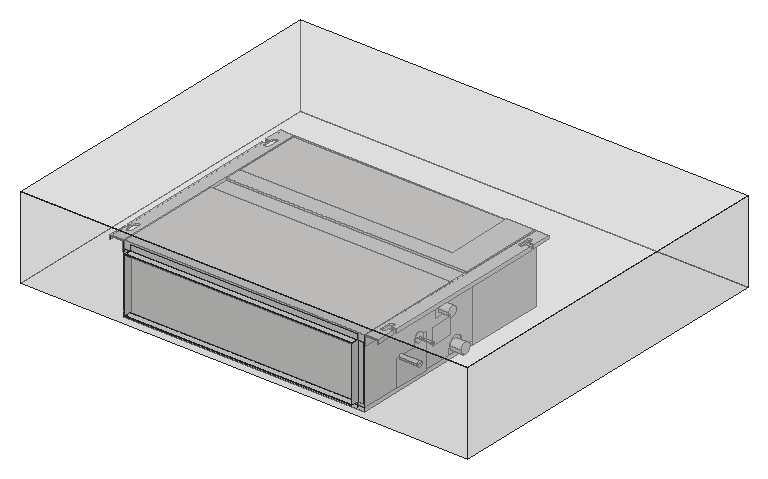
Revit family "outputfile", category 機械設備, Revit 2024
Family settings
  丸型コネクタ寸法 = 半径を使用
  パーツ タイプ = 標準
  OmniClass 番号 = 23.75.10.24.21.27.27
  OmniClass タイトル = Split System Air Conditioning Units
  作業面ベース = いいえ
  常に垂直 = はい
  ロード時にボイドで切り取り = いいえ
  注釈の向きを維持 = いいえ
  共有 = いいえ
  部屋計算ポイント = はい
Parameters (values of type "FXDQ25PDVE4")
  Description = ""
  製造元 = "Daikin"
  書き出し IFC クラス(タイプ) = "IfcUnitaryEquipmentType"
  定義済み IFC タイプ(タイプ) = "AIRCONDITIONINGUNIT"
  Cost = 0
  モデル = "FXDQ25PDVE4"
  Type Comments = ""
  Keynote = ""
  Type Image = (empty or 0)
  Assembly Code = ""
  w_pipe = 33.0 mm
  r_Liquid Pipe Size = Liquid Pipe Size / 2  # 3.2 mm
  r_Gas Pipe Size = Gas Pipe Size / 2  # 6.35 mm
  r_Drain Pipe Size = Drain Pipe Size / 2  # 10.0 mm
  lw_powersupply = 304.0 mm
  lh_suctionflange [instance] = if(Rear Connection_Return Air, 100.0 mm + [h***], 190.0 mm + [h***])  # 100.0 mm
  ld_suctionflange [instance] = if(Rear Connection_Return Air, 190.0 mm, 100.0 mm)  # 190.0 mm
  ld_powersupply = 60.0 mm
  angle_vertical_RA [instance] = if(Rear Connection_Return Air, 90.00°, 0.00°)  # 90.00°
  angle horizontal_RA [instance] = if(Rear Connection_Return Air, 180.00°, 270.00°)  # 180.00°
  Voltage_comment_60Hz = "220"
  Voltage_comment_50Hz = "220-240"
  Voltage_60Hz = 220 V
  Voltage_50Hz = 220 V
  URL = ""
  Supply Air Direction [instance] = yes
  Sound Power Level_H speed (dB) = 54
  Rear Connection_Return Air [instance] = not(Bottom Connection_Return Air)  # yes
  RA_length = 190.0 mm  # constant formula
  Phase_60Hz = 1
  Phase_50Hz = 1
  Minimum External Static Pressure = 10.00 Pa
  Minimum Circuit Amps_60Hz = 0.9 A
  Minimum Circuit Amps_50Hz = 0.8 A
  Maximum Fuse Amps_60Hz = 16.0 A
  Maximum Fuse Amps_50Hz = 16.0 A
  Maximum External Static Pressure = 30.00 Pa
  Material_Casing = DAIKIN_GalvanizedSteel_Casing_indoorunit
  lw_liquidpipe = 46.0 mm  # constant formula
  lw_gaspipe = 57.0 mm  # constant formula
  lw_mountinghole_pitch = 740.0 mm  # constant formula
  lw_mountinghole = 20.0 mm  # constant formula
  lw_drainpipe = 33.0 mm  # constant formula
  lh_powersupply = 10.0 mm
  lh_liquidpipe = 110.0 mm
  lh_gaspipe = 87.0 mm
  lh_mountinghole = Height + [h***]  # 200.0 mm
  lh_drainpipe = 150.0 mm
  lh_dischargeflange = 100.0 mm
  lh_antena = 1.0 mm  # constant formula
  ld_liquidpipe = 193.0 mm  # constant formula
  ld_gaspipe = 130.0 mm  # constant formula
  ld_mountinghole_pitch = 500.0 mm  # constant formula
  ld_drainpipe = 280.0 mm
  ld_controlbox = 626.0 mm  # constant formula
  h*** = 0.0 mm  # constant formula
  d_dischargeflange = 21.2 mm  # constant formula
  Width = 700.0 mm
  Version = "ver.1.0"
  Unit Type = "Slim Duct (Standard) Type"
  Unit Mass Weight = 23.00 kg
  Unit Designation [instance] = ""
  Uniclass2015Version = "Products v1.30"
  Uniclass2015Title = "Variable refrigerant flow units"
  Uniclass2015Code = "Pr_70_65_03_94"
  Total Heating Capacity [instance] = 0.000 kW
  Total Cooling Capacity [instance] = 0.000 kW
  Sound Pressure Level_M speed (dBA) = 0
  Sound Pressure Level_L speed (dBA) = 23
  Sound Pressure Level_H speed (dBA) = 28
  Series = "VRV Fan Coil Unit"
  Sensible Cooling Capacity [instance] = 0.000 kW
  SA Duct Size Width = 660.0 mm
  SA Duct Size Height = 160.0 mm
  Refrigerant Type = "R410A"
  RA Duct Size Width = 600.0 mm
  RA Duct Size Height = 180.0 mm
  Power Input (Heating) = 0.067 kW
  Power Input (Cooling) = 0.086 kW
  Option Accessory 3 [instance] = ""
  Option Accessory 2 [instance] = ""
  Option Accessory 1 [instance] = ""
  Nominal Heating Capacity = 3.200 kW
  Nominal Cooling Capacity = 2.800 kW
  Minimum Airflow = 384.00 m³/h
  Median Airflow = 432.00 m³/h
  Maximum Airflow = 480.00 m³/h
  Load Classification = HVAC
  Liquid Pipe Size = 6.4 mm
  Link_Nested Family [instance] = ""
  IfcVersion = "0"
  IfcExportType = "AIRCONDITIONINGUNIT"
  IfcExportAs = "IfcUnitaryEquipmentType"
  Height = 200.0 mm
  Heating Entering Wet Bulb Temperature [instance] = 0.00 °C
  Heating Entering Dry Bulb Temperature [instance] = 0.00 °C
  Heating Ambient Wet Bulb Temperature [instance] = 0.00 °C
  Heating Ambient Dry Bulb Temperature [instance] = 0.00 °C
  Heat Exchanger Type = "Cross Fin Coil"
  Gas Pipe Size = 12.7 mm
  Frequency_60Hz = 60 Hz
  Frequency_50Hz = 50 Hz
  Fan Type = "Sirocco Fan"
  Fan Drive = "Direct Drive"
  FCU Tag No. [instance] = ""
  Drain Pipe Size = 20.0 mm
  Design Supply Airflow [instance] = 0.00 m³/h
  Design Return Airflow [instance] = 0.00 m³/h
  Design External Static Pressure [instance] = 0.00 Pa
  Depth = 620.0 mm
  既定の高さ = 0.0 mm
  Cooling Entering Wet Bulb Temperature [instance] = 0.00 °C
  Cooling Entering Dry Bulb Temperature [instance] = 0.00 °C
  Cooling Ambient Wet Bulb Temperature [instance] = 0.00 °C
  Cooling Ambient Dry Bulb Temperature [instance] = 0.00 °C
  Clearance visibility [instance] = yes
  Clearance Top = 20.0 mm
  Clearance Right = 300.0 mm
  Clearance Rear = 400.0 mm
  Clearance Left = 300.0 mm
  Clearance Front = 0.0 mm
  Clearance Bottom = 20.0 mm
  Bottom Connection_Return Air [instance] = no
Reference planes
  plane 1 "Center (Front/Back)": y = 0
  plane 2: z = 0
  plane 3 "Center (Left/Right)": x = 0
  plane 4 "Back": y = 310
  plane 5 "Front": y = -310
  plane 6 "Left": x = -350
  plane 7 "Right": x = 350
  plane 8 "Top": z = 0
  plane 9 "Bottom": z = -200
  plane 10: x = 330
  plane 11: x = -330
  plane 12: z = -190
  plane 13: z = -6
  plane 14: z = -22
  plane 15: z = -90
  plane 16: z = -113
  plane 17: x = -304
  plane 18: x = 304
  plane 19: x = -370
  plane 20: x = 370
  plane 21: y = -250
  plane 22: y = 250
  plane 23: x = -390
  plane 24: x = 390
  plane 25: x = 396
  plane 26: x = 407
  plane 27: x = 383
  plane 28: z = 0
  plane 29: z = -50
  plane 30 "Clearance Left": x = -650
  plane 31 "Clearance Right": x = 650
  plane 32 "Clearance Rear": y = 710
  plane 33 "Clearance Front": y = -310
  plane 34 "Clearance Top": z = 20
  plane 35 "Clearance Bottom": z = -220
  plane 36: z = -21
  plane 37: z = -170
  plane 38: z = -96.5
  plane 39: x = -40
  plane 40: y = -180
  plane 41: y = -117
  plane 42: y = -30
  plane 43: y = 20
  plane 44: z = -97.5
  plane 45: y = -309
  plane 46: x = -349
  plane 47: z = -100
  plane 48: z = -30
  plane 49: y = 210
  plane 50: z = 301
  plane 51: z = -199
  plane 52: y = 120
  plane 53: z = -101
Forms (mm)
  Extrusion 1, solid
    sketch origin (0, 0, 0) x (1, 0, 0) y (0, 0, 1)
      loop
        line (-350, -190) -> (-350, -200) -> (350, -200) -> (350, -190) -> (-350, -190)
    from -84 to 310
  Extrusion 2, solid, material "DAIKIN_GalvanizedSteel_Casing_indoorunit" <- "Material_Casing"
    sketch origin (0, 0, 0) x (1, 0, 0) y (0, 1, 0)
      loop
        line (-350, -309) -> (350, -309) -> (350, 310) -> (-350, 310) -> (-350, -309)
    from -200 to 0
  Extrusion 3, void
    sketch origin (0, 0, 1) x (1, 0, 0) y (0, 1, 0)
      loop
        line (-350, 62.179) -> (-350, 4.179) -> (350, 4.179) -> (350, 62.179) -> (-350, 62.179)
    from -1 to -7
  Extrusion 4, void
    sketch origin (0, 0, 0) x (0, 1, 0) y (0, 0, 1)
      loop
        line (-5, -190) -> (45, -190) -> (45, -170)
        arc (45, -170) -> (20, -145) -> (-5, -170) r 25
        line (-5, -170) -> (-5, -190)
    from 350 to 345
  Revolve 5, solid, material "DAIKIN_GalvanizedSteel_Casing_indoorunit" <- "Material_Casing"
    sketch origin (0, 0, -113) x (0, -1, 0) y (1, 0, 0)
      loop
        line (173.65, 351) -> (180, 351) -> (180, 407) -> (173.65, 407) -> (173.65, 351)
      axis (180, 351) -> (180, 407)
    angle from 0 to 360
  Revolve 6, solid, material "DAIKIN_GalvanizedSteel_Casing_indoorunit" <- "Material_Casing"
    sketch origin (0, 0, -90) x (0, -1, 0) y (1, 0, 0)
      loop
        line (117, 351) -> (117, 396) -> (113.8, 396) -> (113.8, 351) -> (117, 351)
      axis (117, 396) -> (117, 351)
    angle from 0 to 360
  Extrusion 7, solid, material "DAIKIN_GalvanizedSteel_Casing_indoorunit" <- "Material_Casing"
    sketch origin (0, 0, 0) x (0, 1, 0) y (0, 0, 1)
      loop
        circle (-116, -90) r 12.7
    from 350 to 355.007
  Extrusion 8, solid, material "DAIKIN_GalvanizedSteel_Casing_indoorunit" <- "Material_Casing"
    sketch origin (0, 0, 0) x (0, 1, 0) y (0, 0, 1)
      loop
        circle (20, -170) r 15
    from 345 to 380
  Extrusion 9, solid, material "DAIKIN_GalvanizedSteel_Casing_indoorunit" <- "Material_Casing"
    sketch origin (0, 0, 0) x (0, 1, 0) y (0, 0, 1)
      loop
        line (-52, -30) -> (-52, -70) -> (-11, -70) -> (-11, -30) -> (-52, -30)
    from 350 to 351
  Extrusion 10, solid, material "DAIKIN_GalvanizedSteel_Casing_indoorunit" <- "Material_Casing"
    sketch origin (0, 0, 0) x (0, 1, 0) y (0, 0, 1)
      loop
        circle (-30, -50.064) r 13
    from 350 to 383
  Extrusion 11, solid, material "DAIKIN_GalvanizedSteel_Casing_indoorunit" <- "Material_Casing"
    sketch origin (0, 0, 0) x (0, 1, 0) y (0, 0, 1)
      loop
        line (-63.609, -90) -> (-63.609, -136) -> (0.391, -136) -> (0.391, -90) -> (-63.609, -90)
    from 350 to 351
  Extrusion 12, solid, material "DAIKIN_GalvanizedSteel_Casing_indoorunit" <- "Material_Casing"
    sketch origin (0, 0, 0) x (1, 0, 0) y (0, 0, 1)
      loop
        line (-350, -190) -> (-350, -200) -> (350, -200) -> (350, -190) -> (-350, -190)
    from -84 to 310
  Extrusion 13, solid, material "DAIKIN_GalvanizedSteel_Casing_indoorunit" <- "Material_Casing", visible <- "Bottom Connection_Return Air"
    sketch origin (0, 0, 0) x (1, 0, 0) y (0, 0, 1)
      loop
        line (269, -199) -> (269, -1) -> (-349, -1) -> (-349, -199) -> (269, -199)
    from -310 to -309
  Extrusion 14, void
    sketch origin (0, 0, 0) x (1, 0, 0) y (0, 0, 1)
      loop
        line (269, 0) -> (-349, 0) -> (-349, -1) -> (269, -1) -> (269, 0)
    from -310 to -111
  Extrusion 15, solid, material "DAIKIN_GalvanizedSteel_Casing_indoorunit" <- "Material_Casing", visible <- "Rear Connection_Return Air"
    sketch origin (0, 0, 0) x (1, 0, 0) y (0, 1, 0)
      loop
        line (-349, 309) -> (-349, 111) -> (269, 111) -> (269, 309) -> (-349, 309)
    from -200 to -199
  Extrusion 16, solid, material "DAIKIN_GalvanizedSteel_Casing_indoorunit" <- "Material_Casing"
    sketch origin (0, 0, 0) x (0, 1, 0) y (0, 0, 1)
      loop
        line (-194, -113) -> (-194, -190) -> (-88.3, -190) -> (-88.3, -90) -> (-103.3, -90)
        arc (-103.3, -90) -> (-116, -102.7) -> (-128.7, -90) r 12.7
        line (-128.7, -90) -> (-128.7, -113) -> (-173.65, -113)
        arc (-173.65, -113) -> (-180, -119.35) -> (-186.35, -113) r 6.35
        line (-186.35, -113) -> (-194, -113)
    from 351 to 350
  Extrusion 17, solid, material "DAIKIN_GalvanizedSteel_Casing_indoorunit" <- "Material_Casing"
    sketch origin (0, 0, 0) x (0, 1, 0) y (0, 0, 1)
      loop
        line (84, -199) -> (310, -199) -> (310, -22) -> (91, -22) -> (84, -29) -> (84, -199)
    from 351 to 350
Cuts and joins
  Extrusion 3, Extrusion 4, Extrusion 14 cuts Extrusion 2
  Extrusion 4 cuts Extrusion 1
  Extrusion 14 cuts Extrusion 12
Dimensions and locks
  "lh_powersupply": plane 12 to plane 9 "Bottom"
  locked: plane 8 "Top" to plane 13 at 6
  "Height": plane 8 "Top" to plane 9 "Bottom"
  equal spacing: plane 17, plane 3 "Center (Left/Right)", plane 18, locked at 304 each
  locked: plane 17 to plane 18 at 608
  equal spacing: plane 19, plane 3 "Center (Left/Right)", plane 20, locked at 370 each
  "lw_mountinghole_pitch": plane 19 to plane 20
  locked: plane 14 to plane 9 "Bottom" at 178
  "lw_mountinghole": plane 23 to plane 19
  "lh_liquidpipe": plane 15 to plane 9 "Bottom"
  "lh_gaspipe": plane 16 to plane 9 "Bottom"
  "lh_mountinghole": plane 28 to plane 9 "Bottom"
  "ld_mountinghole_pitch": plane 22 to plane 21
  equal spacing: plane 6 "Left", plane 3 "Center (Left/Right)", plane 7 "Right", locked at 350 each
  "Width": plane 6 "Left" to plane 7 "Right"
  "lh_drainpipe": plane 29 to plane 9 "Bottom"
  "Clearance Right": plane 7 "Right" to plane 31 "Clearance Right"
  "Clearance Left": plane 30 "Clearance Left" to plane 6 "Left"
  "lw_gaspipe": plane 7 "Right" to plane 26
  "lw_liquidpipe": plane 7 "Right" to plane 25
  "lw_drainpipe": plane 7 "Right" to plane 27
  "Clearance Rear": plane 32 "Clearance Rear" to plane 4 "Back"
  "Clearance Front": plane 5 "Front" to plane 33 "Clearance Front"
  "Clearance Top": plane 34 "Clearance Top" to plane 8 "Top"
  "Clearance Bottom": plane 9 "Bottom" to plane 35 "Clearance Bottom"
  "ld_powersupply": plane 4 "Back" to plane 22
  "lw_powersupply": plane 3 "Center (Left/Right)" to plane 18
  locked: plane 8 "Top" to plane 36 at 21
  locked: plane 8 "Top" to plane 37 at 170
  locked: plane 40 to plane 41 at 63
  locked: plane 38 to plane 9 "Bottom" at 103.5
  locked: plane 36 to plane 44 at 76.5
  "Depth": plane 4 "Back" to plane 5 "Front"
  equal spacing: plane 4 "Back", plane 1 "Center (Front/Back)", plane 5 "Front"
  locked: plane 45 to plane 5 "Front" at 1
  locked: plane 46 to plane 6 "Left" at 1
  Extrusion 13 sketch curve to Extrusion 13 sketch curve = 198.0 mm
  locked: nested 13 to plane 39 at 300
  locked: plane 12 to plane 47 at 90
  plane 32 "Clearance Rear" to Extrusion 13 = 401.0 mm
  locked: plane 48 to plane 35 "Clearance Bottom" at 190
  locked: plane 49 to nested 14 at 90
  plane 50 to plane 28 = 301.0 mm
  locked: plane 51 to plane 9 "Bottom" at 1
  "ld_suctionflange": plane 4 "Back" to plane 52
  locked: plane 53 to plane 9 "Bottom" at 99
  aligned and locked: level to plane 2
  aligned and locked: Extrusion 2 to plane 9 "Bottom"
  aligned and locked: plane 8 "Top" to Extrusion 2
  aligned and locked: Revolve 5 sketch curve to Revolve 5 sketch curve
  aligned and locked: plane 15 to Extrusion 7 sketch curve
  aligned and locked: cut or joined group of Extrusion 1, Extrusion 4 to plane 9 "Bottom"
  aligned and locked: plane 24 to nested 1
  aligned and locked: nested 1 to plane 23
  aligned and locked: plane 27 to Extrusion 10
  aligned and locked: plane 25 to nested 6
  aligned and locked: nested 6 to plane 15
  aligned and locked: nested 2 to plane 22
  aligned and locked: plane 20 to nested 2
  aligned and locked: plane 20 to nested 3
  aligned and locked: plane 19 to nested 4
  aligned and locked: plane 22 to nested 5
  aligned and locked: nested 5 to plane 22
  aligned and locked: plane 19 to nested 5
  aligned and locked: nested 8 to plane 29
  aligned and locked: Extrusion 10 to nested 8
  aligned and locked: plane 27 to nested 8
  aligned and locked: plane 22 to nested 12
  aligned and locked: plane 18 to nested 12  (x2)
  aligned and locked: nested 12 to plane 18
  aligned and locked: plane 4 "Back" to nested 12
  aligned and locked: cut or joined group of Extrusion 2, Extrusion 3, Extrusion 4, Extrusion 14 to nested 12
  aligned and locked: nested 12 to plane 12
  aligned and locked: plane 8 "Top" to nested 1
  aligned and locked: Extrusion 12 to plane 5 "Front"
  aligned and locked: Extrusion 12 to plane 9 "Bottom"
  aligned and locked: nested 7 to plane 16
  aligned and locked: plane 4 "Back" to nested 1
  aligned and locked: nested 9 to plane 45
  aligned and locked: plane 40 to nested 7
  aligned and locked: plane 41 to nested 6
  aligned and locked: plane 42 to nested 8
  aligned and locked: Extrusion 8 sketch curve to plane 43
  aligned and locked: nested 13 to plane 46
  aligned and locked: plane 4 "Back" to Extrusion 14
  aligned and locked: nested 14 to Extrusion 15
  aligned and locked: nested 15 to plane 49
  aligned and locked: plane 8 "Top" to Extrusion 3
  aligned and locked: Extrusion 13 to cut or joined group of Extrusion 2, Extrusion 3, Extrusion 4, Extrusion 14
  aligned and locked: Extrusion 13 to nested 13
  aligned and locked: plane 9 "Bottom" to Extrusion 15  (x2)
  aligned and locked: plane 9 "Bottom" to nested 15
  aligned and locked: Extrusion 15 to plane 51
  aligned and locked: plane 4 "Back" to nested 13
  aligned and locked: Extrusion 14 to level
  aligned and locked: plane 32 "Clearance Rear" to nested 16
  aligned and locked: plane 31 "Clearance Right" to nested 16
  aligned and locked: plane 30 "Clearance Left" to nested 16
  aligned and locked: nested 16 to plane 33 "Clearance Front"
  aligned and locked: nested 16 to plane 34 "Clearance Top"
  aligned and locked: nested 16 to plane 35 "Clearance Bottom"
  aligned and locked: plane 7 "Right" to Extrusion 16
  aligned and locked: plane 4 "Back" to Extrusion 17
  aligned and locked: Extrusion 17 to plane 51
  aligned and locked: plane 7 "Right" to Extrusion 17
  aligned and locked: Extrusion 16 to Revolve 5 sketch curve
  aligned and locked: Extrusion 3 to plane 13
  aligned and locked: plane 52 to nested 17
  aligned and locked: plane 53 to nested 9
  aligned and locked: Extrusion 14 to nested 14
  aligned and locked: nested 11 to plane 36
  aligned and locked: level to plane 8 "Top"
Automatic sketch dimensions
  Extrusion 1 sketch curve to plane 6 "Left" = 0.0 mm
  Extrusion 1 sketch curve to plane 7 "Right" = 0.0 mm
  Extrusion 1 sketch curve to plane 9 "Bottom" = 0.0 mm
  Extrusion 1 sketch curve to plane 12 = 0.0 mm
  Extrusion 2 sketch curve to plane 4 "Back" = 0.0 mm
  Extrusion 2 sketch curve to plane 6 "Left" = 0.0 mm
  Extrusion 2 sketch curve to plane 7 "Right" = 0.0 mm
  Extrusion 2 sketch curve to plane 45 = 0.0 mm
  Extrusion 3 sketch curve to plane 6 "Left" = 0.0 mm
  Extrusion 3 sketch curve to plane 7 "Right" = 0.0 mm
  Extrusion 3 sketch curve to plane 1 "Center (Front/Back)" = 4.179 mm
  plane 43 to Extrusion 3 sketch curve = 42.179 mm
  Extrusion 4 sketch curve to plane 37 = 0.0 mm
  Extrusion 4 sketch curve to plane 12 = 0.0 mm
  Extrusion 4 sketch curve to plane 43 = 0.0 mm
  plane 1 "Center (Front/Back)" to Extrusion 4 sketch curve = 5.0 mm
  Revolve 6 sketch curve to plane 25 = 0.0 mm  (x2)
  Revolve 6 sketch curve to plane 41 = 0.0 mm  (x2)
  plane 41 to Revolve 6 sketch curve = 3.2 mm
  plane 7 "Right" to Revolve 6 sketch curve = 1.0 mm
  Revolve 6 sketch curve to Revolve 6 sketch curve = 0.0 mm
  plane 41 to Extrusion 7 sketch curve = 1.0 mm
  Extrusion 8 sketch curve to plane 37 = 0.0 mm
  Extrusion 9 sketch curve to plane 42 = 22.0 mm
  plane 1 "Center (Front/Back)" to Extrusion 9 sketch curve = 11.0 mm
  plane 15 to Extrusion 9 sketch curve = 20.0 mm
  Extrusion 9 sketch curve to plane 14 = 8.0 mm
  Extrusion 10 sketch curve to plane 42 = 0.0 mm
  Extrusion 10 sketch curve to plane 29 = 0.064 mm
  plane 15 to Extrusion 11 sketch curve = 0.0 mm
  Extrusion 11 sketch curve to plane 42 = 33.609 mm
  Extrusion 11 sketch curve to plane 1 "Center (Front/Back)" = 0.391 mm
  Extrusion 11 sketch curve to plane 16 = 23.0 mm
  Extrusion 12 sketch curve to plane 6 "Left" = 0.0 mm
  Extrusion 12 sketch curve to plane 7 "Right" = 0.0 mm
  Extrusion 12 sketch curve to plane 9 "Bottom" = 0.0 mm
  Extrusion 12 sketch curve to plane 12 = 0.0 mm
  plane 46 to Extrusion 13 sketch curve = 0.0 mm
  Extrusion 13 sketch curve to plane 18 = 35.0 mm
  plane 46 to Extrusion 14 sketch curve = 0.0 mm
  Extrusion 14 sketch curve to plane 18 = 35.0 mm
  Extrusion 14 sketch curve to plane 8 "Top" = 1.0 mm
  Extrusion 15 sketch curve to plane 46 = 0.0 mm
  Extrusion 15 sketch curve to plane 4 "Back" = 1.0 mm
  Extrusion 15 sketch curve to plane 18 = 35.0 mm
  plane 43 to Extrusion 15 sketch curve = 91.0 mm
  plane 35 "Clearance Bottom" to Extrusion 14 sketch curve = 220.0 mm
  Extrusion 13 sketch curve to plane 51 = 0.0 mm
  Extrusion 16 sketch curve to plane 12 = 0.0 mm
  Extrusion 16 sketch curve to plane 16 = 0.0 mm
  Extrusion 16 sketch curve to plane 40 = 0.0 mm
  Extrusion 16 sketch curve to plane 15 = 0.0 mm
  Extrusion 16 sketch curve to Extrusion 16 sketch curve = 6.35 mm
  Extrusion 16 sketch curve to Extrusion 16 sketch curve = 7.65 mm
  Extrusion 16 sketch curve to plane 41 = 11.7 mm
  plane 41 to Extrusion 16 sketch curve = 1.0 mm
  Extrusion 16 sketch curve to Extrusion 16 sketch curve = 27.7 mm
  Extrusion 17 sketch curve to plane 51 = 0.0 mm
  Extrusion 17 sketch curve to plane 14 = 0.0 mm
  plane 48 to Extrusion 17 sketch curve = 1.0 mm
  plane 43 to Extrusion 17 sketch curve = 64.0 mm
  Extrusion 17 sketch curve to Extrusion 17 sketch curve = 7.0 mm
  Extrusion 17 sketch curve to plane 4 "Back" = 0.0 mm
  Revolve 5 sketch curve to plane 26 = 0.0 mm
  Revolve 5 sketch curve to plane 40 = 0.0 mm
  plane 40 to Revolve 5 sketch curve = 6.35 mm
  Revolve 5 sketch curve to Revolve 5 sketch curve = 1.003 mm  (x2)
  radius of Extrusion 7 sketch curve = 12.7 mm
  radius of Extrusion 8 sketch curve = 15.0 mm
  radius of Extrusion 10 sketch curve = 13.0 mm
Nested families
  nested 1: "daikin_hangerfixture_FXDQ-PDVE4" at (0, 0.5, 0), type "daikin_hangerfixture_FXDQ-PDVE4"
  nested 2: "daikin_mountinghole" at (370, 250, -200), l_antenna <- "lh_antena", Link_Nested Family <- "Link_Nested Family", h_mountinghole <- "lh_mountinghole", type "daikin_mountinghole"
    with show yes, l_antenna 1.0 mm, h_mountinghole 200.0 mm, Link_Nested Family ""
  nested 3: "daikin_mountinghole" at (370, -250, -200), Link_Nested Family <- "Link_Nested Family", l_antenna <- "lh_antena", h_mountinghole <- "lh_mountinghole", type "daikin_mountinghole"
    with show yes, l_antenna 1.0 mm, h_mountinghole 200.0 mm, Link_Nested Family ""
  nested 4: "daikin_mountinghole" at (-370, -250, -200), l_antenna <- "lh_antena", Link_Nested Family <- "Link_Nested Family", h_mountinghole <- "lh_mountinghole", type "daikin_mountinghole"
    with show yes, l_antenna 1.0 mm, h_mountinghole 200.0 mm, Link_Nested Family ""
  nested 5: "daikin_mountinghole" at (-370, 250, -200), l_antenna <- "lh_antena", Link_Nested Family <- "Link_Nested Family", h_mountinghole <- "lh_mountinghole", type "daikin_mountinghole"
    with show yes, l_antenna 1.0 mm, h_mountinghole 200.0 mm, Link_Nested Family ""
  nested 6: "daikin_connector_rotate2" at (350, -117, -90) x (0, 1, 0) z (0, 0, 1), length <- "lw_liquidpipe", built-in parameter 1001364 <- "lh_liquidpipe", radius <- "r_Liquid Pipe Size", type "daikin_connector_rotate2"
    with radius 3.2 mm, length 46.0 mm, angle_vertical 90.00°, show_face no
  nested 7: "daikin_connector_rotate2" at (350, -180, -113) x (0, 1, 0) z (0, 0, 1), length <- "lw_gaspipe", built-in parameter 1001364 <- "lh_gaspipe", radius <- "r_Gas Pipe Size", type "daikin_connector_rotate2"
    with radius 6.35 mm, length 57.0 mm, angle_vertical 90.00°, show_face no
  nested 8: "daikin_connector_rotate2" at (350, -30, -50) x (0, 1, 0) z (0, 0, 1), built-in parameter 1001364 <- "lh_drainpipe", length <- "lw_drainpipe", radius <- "r_Drain Pipe Size", type "daikin_connector_rotate2"
    with radius 10.0 mm, length 33.0 mm, angle_vertical 90.00°, show_face no
  nested 9: "daikin_connector_rotate2" at (0, -309, -101), length <- "d_dischargeflange", built-in parameter 1001364 <- "lh_dischargeflange", type "daikin_connector_rotate2"
    with radius 10.0 mm, length 21.2 mm, angle_vertical 90.00°, show_face no
  nested 10: "daikin_△_symbolicline" at (-76.446, -102.452, 200) x (-0.5, 0.866, 0) z (0, 0, 1), built-in parameter 1001364 <- "Height", visible <- "Supply Air Direction", type "daikin_△_symbolicline"
    with length 300.0 mm
  nested 11: "daikin_ductflange_FXDQ-PDVE4_1" at (0, 4.5, -371.201), material <- "Material_Casing", type "daikin_ductflange_FXDQ-PDVE4_1"
    with width 660.0 mm, material DAIKIN_GalvanizedSteel_Casing_indoorunit, height 162.0 mm, depth 21.2 mm
  nested 12: "daikin_connector_rotate2" at (304, 250, -190) x (-1, 0, 0) z (0, 0, 1), built-in parameter 1001364 <- "lh_powersupply", length <- "ld_powersupply", type "daikin_connector_rotate2"
    with radius 10.0 mm, length 60.0 mm, angle_vertical 90.00°, show_face no
  nested 13: "daikin_ductflange_FXDQ-PDVE4_2" at (-40, 310, -100), visible <- "Rear Connection_Return Air", material <- "Material_Casing", type "daikin_ductflange_FXDQ-PDVE4_2"
    with width 620.0 mm, material DAIKIN_GalvanizedSteel_Casing_indoorunit, height 180.0 mm, depth 21.2 mm
  nested 14: "daikin_ductflange_FXDQ-PDVE4_2" at (-40, 210, -200) x (1, 0, 0) z (0, 1, 0), visible <- "Bottom Connection_Return Air", material <- "Material_Casing", type "daikin_ductflange_FXDQ-PDVE4_2"
    with width 620.0 mm, material DAIKIN_GalvanizedSteel_Casing_indoorunit, height 180.0 mm, depth 21.2 mm
  nested 15: "daikin_connector_rotate2" at (-40, 210, -178.8) x (1, 0, 0) z (0, 1, 0), length <- "d_dischargeflange", built-in parameter 1001364 <- "lh_dischargeflange", type "daikin_connector_rotate2"
    with radius 10.0 mm, length 21.2 mm, angle_vertical 90.00°, show_face no
  nested 16: "daikin_clearancespace" at (0, 200, -99.881), visible <- "Clearance visibility", show <- "Clearance visibility", Link_Nested Family <- "Link_Nested Family", type "daikin_clearancespace"
    with width 1300.0 mm, show yes, height 240.0 mm, depth 1020.0 mm, Link_Nested Family ""
  nested 17: "daikin_connector_rotate3" at (-40, 120, -100), built-in parameter 1001364 <- "lh_suctionflange", angle_vertical <- "angle_vertical_RA", angle_horizontal <- "angle horizontal_RA", length <- "RA_length", type "daikin_connector_rotate3"
    with show no, radius 10.0 mm, length 190.0 mm, angle_vertical 90.00°, angle_horizontal 180.00°
Connectors
  piping at (407, -180, -113), diameter 12.7, driven by "r_Gas Pipe Size"
    settings: on nested 7, index 1, connector inside diameter 609.6 mm, connector length 0.0 mm, flow factor 0, pipe flow 0.00 m³/h, pressure drop 0.0 Pa, fitting loss kfactor 0, connector angle 0.00°, fixture units 0, engagement length 0.0 mm, angle of deflection 0.00°, flow configuration 1, flow direction 2, fitting loss method 0, system type 29, joint type 0, gender type 0, connector reference index -1, connector utility 0, adjustable connector no, is connector primary yes, connector description "Refrigerant Gas Piping"
  piping at (396, -117, -90), diameter 6.4, driven by "r_Liquid Pipe Size"
    settings: on nested 6, index 2, connector inside diameter 609.6 mm, connector length 0.0 mm, flow factor 0, pipe flow 0.00 m³/h, pressure drop 0.0 Pa, fitting loss kfactor 0, connector angle 0.00°, fixture units 0, engagement length 0.0 mm, angle of deflection 0.00°, flow configuration 1, flow direction 1, fitting loss method 0, system type 29, joint type 0, gender type 0, connector reference index -1, connector utility 0, adjustable connector no, is connector primary no, connector description "Refrigerant Liquid Piping"
  piping at (383, -30, -50), diameter 20, driven by "r_Drain Pipe Size"
    settings: on nested 8, index 3, connector inside diameter 609.6 mm, connector length 0.0 mm, flow factor 0, pipe flow 0.00 m³/h, pressure drop 0.0 Pa, fitting loss kfactor 0, connector angle 0.00°, fixture units 0, engagement length 0.0 mm, angle of deflection 0.00°, flow configuration 1, flow direction 2, fitting loss method 4, system type 16, joint type 0, gender type 0, connector reference index -1, connector utility 0, adjustable connector no, is connector primary no, connector description "Condensate Drain Piping"
  hvac at (0, -330.2, -101), driven by "SA Duct Size Height", driven by "SA Duct Size Width"
    settings: on nested 9, index 7, duct flow 0.00 m³/h, flow factor 0, pres drop 0.00 Pa, loss coef 0, conn angle 0.00°, conn width 660.0 mm, conn height 160.0 mm, conn diameter 609.6 mm, duct sys type 1, conn prof type 1, flow config 0, flow direction 2, loss method 4, conn ref index -1, conn util no, is conn primary yes, conn desc "SA Duct"
  electrical at (304, 310, -190), driven by "Load Classification"
    settings: on nested 12, index 9, voltage 0 V, apparent load 0 VA, apparent load phase1 0 VA, apparent load phase2 0 VA, apparent load phase3 0 VA, power factor 1, load classification "HVAC", number of poles 1, system type 30, power factor state 1, is connector primary yes, connector utility no, sub classification motor no, connector description "Power Supply"
  hvac at (-40, 310, -100), driven by "RA Duct Size Height", driven by "RA Duct Size Width"
    settings: on nested 17, index 10, duct flow 0.00 m³/h, flow factor 0, pres drop 0.00 Pa, loss coef 0, conn angle 0.00°, conn width 600.0 mm, conn height 180.0 mm, conn diameter 609.6 mm, duct sys type 2, conn prof type 1, flow config 0, flow direction 1, loss method 4, conn ref index -1, conn util no, is conn primary no, conn desc "RA Duct"
Definition of nested family "daikin_hangerfixture_FXDQ-PDVE4"
  Parameters (values of type "daikin_hangerfixture_FXDQ-PDVE")
    width = 48.0 mm
    material = none
    height = 65.0 mm
    depth = 619.0 mm
    Default Elevation = 0.0 mm
  Reference planes
    plane 1 "Center (Front/Back)": y = 0
    plane 2: z = 0
    plane 3 "Center (Left/Right)": x = 0
    plane 4: x = 350
    plane 5: y = 309.5
    plane 6: y = -309.5
  Forms (mm)
    Extrusion 1, solid, material <- "material"
      sketch origin (0, 0, 0) x (1, 0, 0) y (0, 0, 1)
        loop
          line (350, 0) -> (350, -30) -> (352.3, -30) -> (352.3, -2.3) -> (387.7, -2.3) -> (387.7, -10) -> (390, -10) -> (390, 0) -> (350, 0)
      from -309.5 to 309.5
    Extrusion 2, void
      sketch origin (0, 0, 0) x (0, 1, 0) y (0, 0, 1)
        loop
          line (309.5, -30) -> (309.5, -17.979) -> (87.935, -17.979) -> (75.914, -30) -> (309.5, -30)
      from 0 to 618
    Extrusion 3, void
      sketch origin (0, 0, 0) x (1, 0, 0) y (0, 1, 0)
        loop
          line (390, -244) -> (377, -244) -> (377, -237.5)
          arc (377, -237.5) -> (370, -230.5) -> (363, -237.5) r 7
          line (363, -237.5) -> (363, -263.5)
          arc (363, -263.5) -> (370, -270.5) -> (377, -263.5) r 7
          line (377, -263.5) -> (377, -257) -> (390, -257) -> (390, -244)
        loop
          line (390, 243) -> (390, 256) -> (377, 256) -> (377, 262.5)
          arc (377, 262.5) -> (370, 269.5) -> (363, 262.5) r 7
          line (363, 262.5) -> (363, 236.5)
          arc (363, 236.5) -> (370, 229.5) -> (377, 236.5) r 7
          line (377, 236.5) -> (377, 243) -> (390, 243)
      from -254.96 to 618
    Extrusion 4, solid, material <- "material"
      sketch origin (0, 0, 0) x (-1, 0, 0) y (0, 0, -1)
        loop
          line (350, 0) -> (390, 0) -> (390, 10) -> (387.7, 10) -> (387.7, 2.3) -> (352.3, 2.3) -> (352.3, 30) -> (350, 30) -> (350, 0)
      from -309.5 to 309.5
    Extrusion 5, void
      sketch origin (0, 0, 0) x (-1, 0, 0) y (0, -1, 0)
        loop
          line (390, 244) -> (390, 257) -> (377, 257) -> (377, 263.5)
          arc (377, 263.5) -> (370, 270.5) -> (363, 263.5) r 7
          line (363, 263.5) -> (363, 237.5)
          arc (363, 237.5) -> (370, 230.5) -> (377, 237.5) r 7
          line (377, 237.5) -> (377, 244) -> (390, 244)
        loop
          line (390, -243) -> (377, -243) -> (377, -236.5)
          arc (377, -236.5) -> (370, -229.5) -> (363, -236.5) r 7
          line (363, -236.5) -> (363, -262.5)
          arc (363, -262.5) -> (370, -269.5) -> (377, -262.5) r 7
          line (377, -262.5) -> (377, -256) -> (390, -256) -> (390, -243)
      from -254.96 to 618
  Cuts and joins
    Extrusion 2, Extrusion 3, Extrusion 5 cuts Extrusion 1
    Extrusion 5 cuts Extrusion 4
  Dimensions and locks
    locked: plane 4 to plane 3 "Center (Left/Right)" at 350
    equal spacing: plane 5, plane 1 "Center (Front/Back)", plane 6
    "depth": plane 5 to plane 6
    locked: plane 3 "Center (Left/Right)" to plane 4 at 350
    plane 6 to plane 1 "Center (Front/Back)" to plane 5 = 309.5 mm, 309.5 mm
    aligned and locked: level to plane 2
    aligned and locked: plane 5 to Extrusion 1
    aligned and locked: Extrusion 1 to plane 6
    aligned and locked: Extrusion 1 to plane 4
    aligned and locked: plane 5 to cut or joined group of Extrusion 1, Extrusion 2, Extrusion 3, Extrusion 5
    aligned and locked: cut or joined group of Extrusion 1, Extrusion 2, Extrusion 3, Extrusion 5 to plane 6
    aligned and locked: level to cut or joined group of Extrusion 1, Extrusion 2, Extrusion 3, Extrusion 5
    aligned and locked: plane 5 to cut or joined group of Extrusion 4, Extrusion 5
    aligned and locked: cut or joined group of Extrusion 4, Extrusion 5 to plane 6
  Automatic sketch dimensions
    Extrusion 1 sketch curve to plane 4 = 0.0 mm
    Extrusion 1 sketch curve to level = 0.0 mm
    plane 4 to Extrusion 1 sketch curve = 2.3 mm
    Extrusion 1 sketch curve to level = 2.3 mm
    Extrusion 1 sketch curve to Extrusion 1 sketch curve = 35.4 mm
    Extrusion 1 sketch curve to Extrusion 1 sketch curve = 2.3 mm
    Extrusion 1 sketch curve to Extrusion 1 sketch curve = 7.7 mm
    Extrusion 1 sketch curve to Extrusion 1 sketch curve = 27.7 mm
    Extrusion 2 sketch curve to plane 5 = 0.0 mm
    Extrusion 2 sketch curve to level = 17.979 mm
    Extrusion 2 sketch curve to plane 1 "Center (Front/Back)" = 87.935 mm
    Extrusion 2 sketch curve to level = 30.0 mm
    Extrusion 2 sketch curve to Extrusion 2 sketch curve = 12.021 mm
    plane 4 to Extrusion 3 sketch curve = 13.0 mm  (x2)
    Extrusion 3 sketch curve to Extrusion 3 sketch curve = 7.0 mm  (x4)
    Extrusion 3 sketch curve to Extrusion 3 sketch curve = 13.0 mm  (x4)
    plane 6 to Extrusion 3 sketch curve = 46.0 mm
    Extrusion 3 sketch curve to Extrusion 3 sketch curve = 6.5 mm  (x4)
    Extrusion 3 sketch curve to plane 5 = 73.0 mm
    Extrusion 4 sketch curve to level = 0.0 mm
    Extrusion 4 sketch curve to level = 30.0 mm
    Extrusion 4 sketch curve to plane 3 "Center (Left/Right)" = 350.0 mm
    Extrusion 4 sketch curve to Extrusion 4 sketch curve = 2.3 mm  (x2)
    Extrusion 4 sketch curve to level = 2.3 mm
    Extrusion 4 sketch curve to Extrusion 4 sketch curve = 35.4 mm
    Extrusion 4 sketch curve to Extrusion 4 sketch curve = 7.7 mm
    Extrusion 5 sketch curve to plane 5 = 73.0 mm
    Extrusion 5 sketch curve to plane 3 "Center (Left/Right)" = 363.0 mm  (x2)
    plane 6 to Extrusion 5 sketch curve = 72.0 mm
    Extrusion 5 sketch curve to Extrusion 5 sketch curve = 7.0 mm  (x4)
    Extrusion 5 sketch curve to Extrusion 5 sketch curve = 13.0 mm  (x4)
    Extrusion 5 sketch curve to Extrusion 5 sketch curve = 6.5 mm  (x4)
Definition of nested family "daikin_ductflange_FXDQ-PDVE4_1"
  Parameters (values of type "daikin_ductflange_FXDQ-PDVE")
    width [instance] = 660.0 mm
    material [instance] = none
    height [instance] = 162.0 mm
    depth [instance] = 21.2 mm
    Default Elevation = 0.0 mm
  Reference planes
    plane 1 "Center (Front/Back)": y = 0
    plane 2: z = 189.201
    plane 3 "Center (Left/Right)": x = 0
    plane 4: y = -313.5
    plane 5: x = -330
    plane 6: x = 330
    plane 7: y = -334.7
    plane 8: z = 351.201
    plane 9: z = 270.201
    plane 10: z = 350.201
    plane 11: z = 190.201
  Forms (mm)
    Extrusion 1, solid, material <- "material"
      sketch origin (0, 0, 189.201) x (1, 0, 0) y (0, 1, 0)
        loop
          line (-330, -334.7) -> (-330, -313.5) -> (-348, -313.5) -> (-348, -314.5) -> (-331, -314.5) -> (-331, -334.7) -> (-330, -334.7)
        loop
          line (330, -334.7) -> (331, -334.7) -> (331, -314.5) -> (348, -314.5) -> (348, -313.5) -> (330, -313.5) -> (330, -334.7)
      from 1 to 161
    Extrusion 2, solid, material <- "material"
      sketch origin (0, 0, 0) x (0, 1, 0) y (0, 0, 1)
        loop
          line (-313.5, 350.201) -> (-313.5, 365.201) -> (-314.5, 365.201) -> (-314.5, 351.201) -> (-334.7, 351.201) -> (-334.7, 350.201) -> (-313.5, 350.201)
        loop
          line (-313.5, 190.201) -> (-334.7, 190.201) -> (-334.7, 189.201) -> (-314.5, 189.201) -> (-314.5, 175.201) -> (-313.5, 175.201) -> (-313.5, 190.201)
      from -330 to 330
  Dimensions and locks
    plane 4 to plane 1 "Center (Front/Back)" = 313.5 mm
    "depth": plane 7 to plane 4
    equal spacing: plane 8, plane 9, level, locked at 81 each
    "height": plane 8 to level
    equal spacing: plane 6, plane 3 "Center (Left/Right)", plane 5, locked at 330 each
    "width": plane 6 to plane 5
    plane 5 to plane 6 = 660.0 mm
    locked: Extrusion 1 sketch curve to Extrusion 1 sketch curve at 660
    locked: plane 8 to plane 10 at 1
    locked: plane 11 to level at 1
    locked: Extrusion 1 to Extrusion 2 sketch curve at 1
    locked: Extrusion 2 sketch curve to Extrusion 1 at 1
    locked: Extrusion 1 sketch curve to Extrusion 1 sketch curve at 1  (x2)
    aligned and locked: level to plane 2
    aligned and locked: plane 4 to Extrusion 1  (x2)
    aligned and locked: plane 5 to Extrusion 1
    aligned and locked: Extrusion 1 to plane 7  (x2)
    aligned and locked: Extrusion 1 to plane 6
    aligned and locked: Extrusion 1 to plane 10
    aligned and locked: Extrusion 1 to plane 11
    aligned and locked: plane 10 to Extrusion 1
    aligned and locked: plane 11 to Extrusion 1
    aligned and locked: Extrusion 2 to plane 5
    aligned and locked: plane 5 to Extrusion 2
    aligned and locked: plane 6 to Extrusion 2
    aligned and locked: Extrusion 2 to plane 6
    aligned and locked: Extrusion 2 to plane 11
    aligned and locked: Extrusion 2 to plane 10
  Automatic sketch dimensions
    Extrusion 1 sketch curve to plane 4 = 0.0 mm  (x2)
    Extrusion 1 sketch curve to plane 7 = 0.0 mm  (x2)
    Extrusion 1 sketch curve to plane 5 = 0.0 mm
    Extrusion 1 sketch curve to plane 5 = 1.0 mm
    Extrusion 1 sketch curve to Extrusion 1 sketch curve = 17.0 mm  (x2)
    plane 6 to Extrusion 1 sketch curve = 1.0 mm
    Extrusion 2 sketch curve to plane 7 = 0.0 mm  (x2)
    Extrusion 2 sketch curve to plane 4 = 0.0 mm  (x2)
    Extrusion 2 sketch curve to plane 11 = 0.0 mm
    Extrusion 2 sketch curve to plane 10 = 0.0 mm
    Extrusion 2 sketch curve to plane 4 = 1.0 mm  (x2)
    Extrusion 2 sketch curve to level = 14.0 mm
    plane 8 to Extrusion 2 sketch curve = 14.0 mm
Definition of nested family "daikin_ductflange_FXDQ-PDVE4_2"
  Parameters (values of type "daikin_ductflange_FXDQ-PDVE2")
    width [instance] = 620.0 mm
    material [instance] = none
    height [instance] = 180.0 mm
    depth [instance] = 21.2 mm
    Default Elevation = 0.0 mm
  Reference planes
    plane 1 "Center (Front/Back)": y = 0
    plane 2: z = 0
    plane 3 "Center (Left/Right)": x = 0
    plane 4: y = -313.5
    plane 5: y = -334.7
    plane 6: x = -310
    plane 7: x = 310
    plane 8: z = 90
    plane 9: z = -90
    plane 10: z = 100
    plane 11: z = -100
    plane 12: x = -309
    plane 13: x = 309
  Forms (mm)
    Extrusion 1, solid, material <- "material"
      sketch origin (0, 0, 0) x (1, 0, 0) y (0, 0, 1)
        loop
          line (-300, 90) -> (-300, -90) -> (300, -90) -> (300, 90) -> (-300, 90)
        loop
          line (-309, -99) -> (309, -99) -> (309, 99) -> (-309, 99) -> (-309, -99)
      from 0 to 1
  Dimensions and locks
    plane 4 to plane 1 "Center (Front/Back)" = 313.5 mm
    "depth": plane 5 to plane 4
    equal spacing: plane 7, plane 3 "Center (Left/Right)", plane 6, locked at 310 each
    "width": plane 7 to plane 6
    equal spacing: plane 8, level, plane 9, locked at 90 each
    "height": plane 8 to plane 9
    equal spacing: plane 10, level, plane 11, locked at 100 each
    locked: plane 10 to plane 11 at 200
    plane 12 to plane 6 = 1.0 mm
    locked: plane 7 to plane 13 at 1
    locked: Extrusion 1 sketch curve to Extrusion 1 sketch curve at 9  (x4)
    locked: plane 10 to Extrusion 1 sketch curve at 1
    locked: Extrusion 1 sketch curve to plane 11 at 1
    aligned and locked: level to plane 2
  Automatic sketch dimensions
    plane 6 to Extrusion 1 sketch curve = 1.0 mm
    Extrusion 1 sketch curve to plane 7 = 1.0 mm
Definition of nested family "daikin_clearancespace"
  Parameters (values of type "daikin_clearancespace")
    width [instance] = 1823.963 mm
    show [instance] = yes
    material = none
    height [instance] = 1359.762 mm
    depth [instance] = 880.0 mm
    Default Elevation = 0.0 mm
    Link_Nested Family [instance] = ""
  Reference planes
    plane 1 "Center (Front/Back)": y = 0
    plane 2 "Center (Elevation)": z = -0.119
    plane 3 "Center (Left/Right)": x = 0
    plane 4: y = 440
    plane 5: y = -440
    plane 6 "Right": x = 911.982
    plane 7 "Left": x = -911.982
    plane 8 "Top": z = 679.762
    plane 9 "Bottom": z = -680
  Forms (mm)
    Extrusion 1, solid, material <- "material", visible <- "show"
      sketch origin (0, 0, 0) x (1, 0, 0) y (0, 1, 0)
        loop
          line (-911.982, 440) -> (-911.982, -440) -> (911.982, -440) -> (911.982, 440) -> (-911.982, 440)
      from -680 to 679.762
  Lines and regions (mm)
    symbolic lines, visible <- "show"
      curve 1: line (911.982, 440, 0) -> (-911.982, 440, 0)
      curve 2: line (-911.982, 440, 0) -> (-911.982, -440, 0)
      curve 3: line (-911.982, -440, 0) -> (911.982, -440, 0)
      curve 4: line (911.982, -440, 0) -> (911.982, 440, 0)
      curve 5: line (911.982, 0, 679.762) -> (-911.982, 0, 679.762)
      curve 6: line (911.982, 0, -680) -> (911.982, 0, 679.762)
      curve 7: line (-911.982, 0, -680) -> (911.982, 0, -680)
      curve 8: line (-911.982, 0, 679.762) -> (-911.982, 0, -680)
      curve 9: line (0, 440, 679.762) -> (0, -440, 679.762)
      curve 10: line (0, -440, 679.762) -> (0, -440, -680)
      curve 11: line (0, 440, -680) -> (0, 440, 679.762)
      curve 12: line (0, -440, -680) -> (0, 440, -680)
  Dimensions and locks
    "width": plane 7 "Left" to plane 6 "Right"
    "depth": plane 4 to plane 5
    "height": plane 8 "Top" to plane 9 "Bottom"
    equal spacing: plane 7 "Left", plane 3 "Center (Left/Right)", plane 6 "Right"
    equal spacing: plane 4, plane 1 "Center (Front/Back)", plane 5
    equal spacing: plane 8 "Top", plane 2 "Center (Elevation)", plane 9 "Bottom"
    aligned and locked: level to plane 2 "Center (Elevation)"
    aligned and locked: Extrusion 1 sketch curve to plane 4
    aligned and locked: plane 7 "Left" to Extrusion 1 sketch curve
    aligned and locked: Extrusion 1 sketch curve to plane 5
    aligned and locked: Extrusion 1 sketch curve to plane 6 "Right"
    aligned and locked: plane 8 "Top" to Extrusion 1
    aligned and locked: curve 1 to Extrusion 1
    aligned and locked: curve 2 to Extrusion 1
    aligned and locked: curve 3 to Extrusion 1
    aligned and locked: curve 4 to Extrusion 1
    aligned and locked: curve 5 to Extrusion 1
    aligned and locked: curve 6 to Extrusion 1
    aligned and locked: curve 7 to Extrusion 1
    aligned and locked: curve 8 to Extrusion 1
    aligned and locked: curve 9 to Extrusion 1
    aligned and locked: curve 10 to Extrusion 1
    aligned and locked: curve 11 to Extrusion 1
    aligned and locked: curve 12 to Extrusion 1
    aligned and locked: Extrusion 1 to plane 9 "Bottom"
Definition of nested family "daikin_mountinghole"
  Parameters (values of type "daikin_mountinghole")
    Default Elevation = 1219.2 mm
    Type Comments = "mountinghole"
    show [instance] = yes
    material = none
    l_centerline = 100.0 mm
    l_antenna [instance] = 100.0 mm
    h_mountinghole [instance] = 0.0 mm
    d_circle = 30.0 mm
    Link_Nested Family [instance] = ""
  Reference planes
    plane 1 "Center (Front/Back)": y = 0
    plane 2: z = 0
    plane 3 "Center (Left/Right)": x = 0
    plane 4: y = 50
    plane 5: x = -50
    plane 6: x = 50
    plane 7: y = -50
    plane 8 "h_mountinghole": z = 0
    plane 9: z = 100
  Lines and regions (mm)
    model lines, detail levels fine
      curve 1: circle (0, 0, 0) r 15 normal (0, 0, 1)
      curve 2: line (-50, 0, 0) -> (50, 0, 0)
      curve 3: line (0, 50, 0) -> (0, -50, 0)
    symbolic lines, detail levels fine
      curve 4: circle (0, 0, 0) r 15 normal (0, 0, 1)
      curve 5: line (-50, 0, 0) -> (50, 0, 0)
      curve 6: line (0, 50, 0) -> (0, -50, 0)
    model lines
      curve 7: line (0, 0, 100) -> (0, 0, 0)
  Dimensions and locks
    equal spacing: plane 4, plane 1 "Center (Front/Back)", plane 7
    "l_centerline": plane 4 to plane 7
    equal spacing: plane 5, plane 3 "Center (Left/Right)", plane 6
    "l_centerline": plane 5 to plane 6
    "l_antenna": plane 9 to plane 8 "h_mountinghole"
    "h_mountinghole": plane 8 "h_mountinghole" to plane 2
    "d_circle": diameter of curve 1
    "d_circle": diameter of curve 4
    aligned and locked: level to plane 2
    aligned and locked: plane 1 "Center (Front/Back)" to curve 1
    aligned and locked: plane 3 "Center (Left/Right)" to curve 1
    aligned and locked: plane 1 "Center (Front/Back)" to curve 2
    aligned and locked: curve 3 to plane 3 "Center (Left/Right)"
    aligned and locked: plane 6 to curve 2
    aligned and locked: plane 5 to curve 2
    aligned and locked: plane 4 to curve 3
    aligned and locked: plane 7 to curve 3
    aligned and locked: plane 1 "Center (Front/Back)" to curve 4
    aligned and locked: plane 3 "Center (Left/Right)" to curve 4
    aligned and locked: plane 6 to curve 5
    aligned and locked: plane 5 to curve 5
    aligned and locked: plane 1 "Center (Front/Back)" to curve 5
    aligned and locked: plane 4 to curve 6
    aligned and locked: plane 7 to curve 6
    aligned and locked: curve 6 to plane 3 "Center (Left/Right)"
    aligned and locked: curve 7 to plane 3 "Center (Left/Right)"
    aligned and locked: plane 9 to curve 7
    aligned and locked: plane 8 "h_mountinghole" to curve 7
Definition of nested family "daikin_connector_rotate2"
  Parameters (values of type "daikin_connector_rotate2")
    show_face = yes
    radius [instance] = 10.0 mm
    length [instance] = 600.0 mm
    d_surface = 10.0 mm
    angle_vertical [instance] = 90.00°
    Default Elevation = 0.0 mm
  Reference planes
    plane 1 "Center (Front/Back)": y = 0
    plane 2: z = 0
    plane 3 "Center (Left/Right)": x = 0
  Forms (mm)
    Extrusion 1, solid, visible <- "show_face"
      sketch origin (0, -600, 0) x (1, 0, 0) y (0, 0, 1)
        loop
          circle (0, 0) r 10
      from 0 to -10
  Lines and regions (mm)
    reference lines
      curve 1: line (0, 0, 0) -> (0, -600, 0)
    symbolic lines
      curve 2: circle (0, 0, 0) r 5 normal (0, 0, 1)
    model lines, visible <- "show_face"
      curve 3: line (0, 0, 0) -> (0, -600, 0)
  Dimensions and locks
    "length": curve 1 to curve 1
    "length": curve 3 to curve 3
    "d_surface": Extrusion 1 to Extrusion 1
    "radius": radius of Extrusion 1 sketch curve
    "angle_vertical": angle curve 1 to plane 1 "Center (Front/Back)"
    "angle_vertical": angle curve 3 to plane 1 "Center (Front/Back)"
    aligned and locked: level to plane 2
    aligned and locked: plane 1 "Center (Front/Back)" to curve 1
    aligned and locked: plane 2 to curve 1
    aligned and locked: plane 1 "Center (Front/Back)" to curve 2
    aligned and locked: plane 3 "Center (Left/Right)" to curve 2
    aligned and locked: plane 1 "Center (Front/Back)" to curve 3
    aligned and locked: plane 2 to curve 3
    aligned and locked: Extrusion 1 to Extrusion 1
  Automatic sketch dimensions
    Extrusion 1 sketch curve to level = 0.0 mm
    Extrusion 1 sketch curve to plane 3 "Center (Left/Right)" = 0.0 mm
    radius of curve 2 = 5.0 mm
Definition of nested family "daikin_△_symbolicline"
  Parameters (values of type "daikin_△_symbolicline")
    length [instance] = 500.0 mm
    Default Elevation = 0.0 mm
  Reference planes
    plane 1 "Center (Front/Back)": y = 0
    plane 2: z = 0
    plane 3 "Center (Left/Right)": x = 0
  Lines and regions (mm)
    symbolic lines
      curve 1: line (0, -433.013, 0) -> (250, 0, 0)
      curve 2: line (250, 0, 0) -> (-250, 0, 0)
      curve 3: line (-250, 0, 0) -> (0, -433.013, 0)
  Dimensions and locks
    equal spacing: curve 3, plane 3 "Center (Left/Right)", curve 2
    "length": curve 3 to curve 2
    "length": curve 3 to curve 3
    "length": curve 1 to curve 1
    aligned and locked: level to plane 2
    aligned and locked: curve 2 to plane 1 "Center (Front/Back)"
    aligned and locked: plane 3 "Center (Left/Right)" to curve 3
Definition of nested family "daikin_connector_rotate3"
  Parameters (values of type "daikin_connector_rotate3")
    Default Elevation = 1219.2 mm
    show [instance] = yes
    radius [instance] = 10.0 mm
    length [instance] = 600.0 mm
    angle_horizontal [instance] = 60.00°
    angle_vertical [instance] = 90.00°
  Reference planes
    plane 1 "Center (Front/Back)": y = 0
    plane 2: z = 0
    plane 3 "Center (Left/Right)": x = 0
  Dimensions and locks
    "angle_horizontal": angle plane 3 "Center (Left/Right)" to nested 1
    aligned and locked: level to plane 2
    aligned and locked: plane 1 "Center (Front/Back)" to nested 1  (x2)
    aligned and locked: plane 3 "Center (Left/Right)" to nested 1
  Nested families
    nested 1: "daikin_connector_rotate2" at (0, 0, 0) x (0.5, 0.866, 0) z (0, 0, 1), angle_vertical <- "angle_vertical", length <- "length", radius <- "radius", type "daikin_connector_rotate2"
      with radius 10.0 mm, length 600.0 mm, angle_vertical 90.00°
  Definition of nested family "daikin_connector_rotate2"
    Parameters (values of type "daikin_connector_rotate2")
      show_face = yes
      radius [instance] = 10.0 mm
      length [instance] = 600.0 mm
      d_surface = 10.0 mm
      angle_vertical [instance] = 90.00°
      Default Elevation = 0.0 mm
    Reference planes
      plane 1 "Center (Front/Back)": y = 0
      plane 2: z = 0
      plane 3 "Center (Left/Right)": x = 0
    Forms (mm)
      Extrusion 1, solid, visible <- "show_face"
        sketch origin (0, -600, 0) x (1, 0, 0) y (0, 0, 1)
          loop
            circle (0, 0) r 10
        from 0 to -10
    Lines and regions (mm)
      reference lines
        curve 1: line (0, 0, 0) -> (0, -600, 0)
      symbolic lines
        curve 2: circle (0, 0, 0) r 5 normal (0, 0, 1)
      model lines, visible <- "show_face"
        curve 3: line (0, 0, 0) -> (0, -600, 0)
    Dimensions and locks
      "length": curve 1 to curve 1
      "length": curve 3 to curve 3
      "d_surface": Extrusion 1 to Extrusion 1
      "radius": radius of Extrusion 1 sketch curve
      "angle_vertical": angle curve 1 to plane 1 "Center (Front/Back)"
      "angle_vertical": angle curve 3 to plane 1 "Center (Front/Back)"
      aligned and locked: level to plane 2
      aligned and locked: plane 1 "Center (Front/Back)" to curve 1
      aligned and locked: plane 2 to curve 1
      aligned and locked: plane 1 "Center (Front/Back)" to curve 2
      aligned and locked: plane 3 "Center (Left/Right)" to curve 2
      aligned and locked: plane 1 "Center (Front/Back)" to curve 3
      aligned and locked: plane 2 to curve 3
      aligned and locked: Extrusion 1 to Extrusion 1
    Automatic sketch dimensions
      Extrusion 1 sketch curve to level = 0.0 mm
      Extrusion 1 sketch curve to plane 3 "Center (Left/Right)" = 0.0 mm
      radius of curve 2 = 5.0 mm
